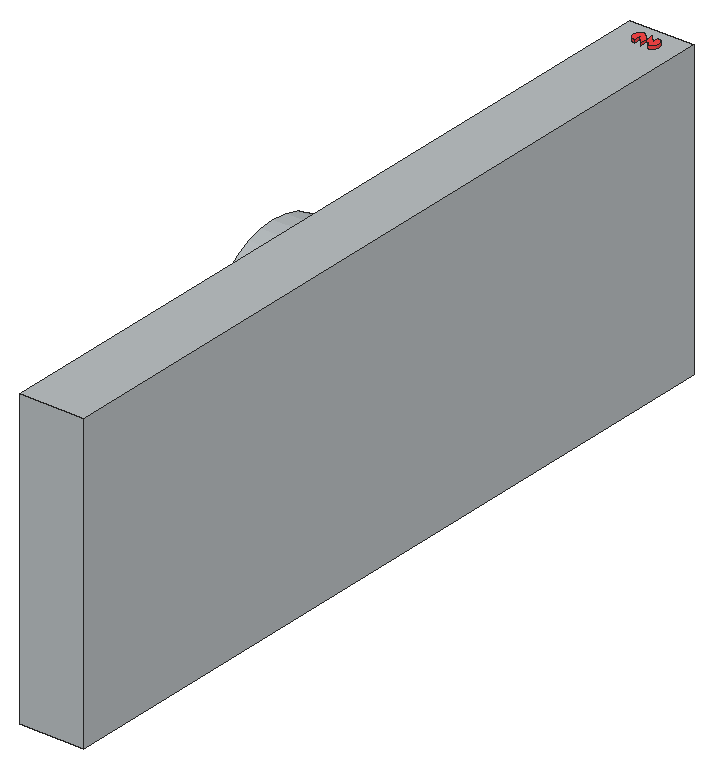
Revit family "NLRS_57_AIR_UN_plenum_linear-ceiling-grill-soooxx-for-srxr_return_LT_sacs", category Air Terminals, Revit 2021
Family settings
  Round Connector Dimension = Use Diameter
  Part Type = Normal
  Work Plane-Based = No
  Always vertical = Yes
  Cut with Voids When Loaded = No
  Shared = No
  Room Calculation Point = Yes
Parameters (values of type "600")
  URL = "https://solid-air.nl/producten/solid-air-plafondroosters-star-stbr/"
  Type Comments = "Standard plenums for Line grill SROR"  # constant formula
  Slots (1-2) [instance] = 1
  SACS_Type_Mark [instance] = ""
  SACS_Show_Symbol [instance] = yes
  SACS_Show_Arrows [instance] = yes
  SACS_Plenum_Offset [instance] = 17.6 mm + 4.5 mm  # 22.1 mm
  SACS_Plenum_L [instance] = NLRS_C_lengte - 12 mm  # 588 mm
  SACS_Plenum_H [instance] = 95 mm + NLRS_M_c01_diameter + 25 mm + 4.5 mm  # 249.5 mm
  SACS_Plenum_B [instance] = if(SACS_Index3 = 2 mm, 63 mm, 48.8 mm) + (SACS_Index1 - 1 mm) * 43.3  # 48.8 mm
  SACS_Option_4 [instance] = if([Slots (1-2)] < 2, "Single slot", "2 slots")  # "Single slot"
  SACS_Option_3_Value [instance] = if(SACS_Index3 = 4 mm, 5, 2)  # 5
  SACS_Option_3 [instance] = if([Brackets (0-1)] > 0, "B = Plenum bracket B", "O = None")  # "O = None"
  SACS_Option_2 [instance] = if([Plenum_Type (1-2)] < 2, "R = Lined", "U = Plain")  # "R = Lined"
  SACS_Option_1 [instance] = "SOOO"  # constant formula
  SACS_Offset1 [instance] = 99.5 mm + (SACS_Diameter / 2) + 4.5 mm  # 165.5 mm
  SACS_Model [instance] = size_lookup(SACS_Data_Hidden, "Model", "NB", NLRS_C_lengte, SACS_Index1, SACS_Index2, SACS_Index3)  # "SOOORO 600-1"
  SACS_Index3 [instance] = if([Brackets (0-1)] < 1, 4, 1) * 1 mm  # 4 mm
  SACS_Index2 [instance] = if([Plenum_Type (1-2)] < 2, 1 mm, 2 mm)  # 1 mm
  SACS_Index1 [instance] = if([Slots (1-2)] < 2, 1 mm, 2 mm)  # 1 mm
  SACS_Dummy = 1  # constant formula
  SACS_Diameter [instance] = NLRS_M_c01_diameter - 2 mm  # 123 mm
  SACS_Data_Hidden = "SOOOxx"  # constant formula
  SACS_Base_Index = 1
  SACS_Article_Code [instance] = size_lookup(SACS_Data_Hidden, "ArticleCode", "NB", NLRS_C_lengte, SACS_Index1, SACS_Index2, SACS_Index3)  # "8101000175"
  SACS_Array_End [instance] = SACS_Array_Base * SACS_Array_Count * 2  # 400 mm
  SACS_Array_Count [instance] = if(NLRS_C_lengte > 1200 mm, 3, 2)  # 2
  SACS_Array_Base [instance] = NLRS_C_lengte / (SACS_Array_Count + 1) / 2  # 100 mm
  SA-Select [instance] = "https://selectietool.solid-air.nl/Dashboard/CPMDashPage/Show/7"
  Plenum_Type (1-2) [instance] = 1
  Plenum_Material = NLRS_57_sendzimir verzinkt_gen_sacs
  NLRS_M_c01_drukverlies_statisch [instance] = 0.0 Pa
  NLRS_M_c01_diameter [instance] = size_lookup(SACS_Data_Hidden, "Diam", 125 mm, NLRS_C_lengte, SACS_Index1, SACS_Index2, SACS_Index3)  # 125 mm
  NLRS_M_c01_debiet [instance] = 0.0 L/s
  NLRS_C_model [instance] = SACS_Model  # "SOOORO 600-1"
  NLRS_C_lengte [instance] = if(SACS_Base_Index = 1, 600 mm, if(SACS_Base_Index = 2, 750 mm, if(SACS_Base_Index = 3, 900 mm, if(SACS_Base_Index = 4, 1200 mm, if(SACS_Base_Index = 5, 1500 mm, 1800 mm)))))  # 600 mm
  NLRS_C_hoogte [instance] = SACS_Plenum_H * SACS_Dummy  # 249.5 mm
  NLRS_C_gtin_code [instance] = size_lookup(SACS_Data_Hidden, "GTIN", "NB", NLRS_C_lengte, SACS_Index1, SACS_Index2, SACS_Index3)  # "NB"
  NLRS_C_description = Description  # "Solid Air plenum for line Diffuser"
  NLRS_C_content_versie = "2.21.01"  # constant formula
  NLRS_C_content_provider = "Solid Air Climate Solutions"  # constant formula
  NLRS_C_content_datum_gewijzigd = "11-03-2024"  # constant formula
  NLRS_C_content_creator = "J.Feeke"  # constant formula
  NLRS_C_breedte [instance] = if([Brackets (0-1)] > 2, 65 mm, 52 mm) + (SACS_Index1 - 1 mm) * 43.3  # 52 mm
  Model = "Standard plenums for SROR"  # constant formula
  Min Flow = 0.0 L/s
  Max Flow = 0.0 L/s
  Manufacturer = "Solid Air Climate Solutions"  # constant formula
  Description = "Solid Air plenum for line Diffuser"  # constant formula
  Default Elevation = 2700 mm
  Brackets (0-1) [instance] = 0
  Assembly Code = "57.00"
Types (7, lengths in mm): name | SACS_Plenum_L | SACS_Plenum_H | SACS_Option_3_Value | SACS_Option_3 | SACS_Offset1 | SACS_Model | SACS_Index3 | SACS_Diameter | SACS_Base_Index | SACS_Article_Code | SACS_Array_End | SACS_Array_Count | SACS_Array_Base | NLRS_M_c01_diameter | NLRS_C_model | NLRS_C_lengte | NLRS_C_hoogte | Brackets (0-1)
  (no name) | 588 | 249.5 | 5 | "O = None" | 165.5 | "SOOORO 600-1" | 4 | 123 | 1 | "8101000175" | 400 | 2 | 100 | 125 | "SOOORO 600-1" | 600 | 249.5 | 0
  600 | 588 | 249.5 | 5 | "O = None" | 165.5 | "SOOORO 600-1" | 4 | 123 | 1 | "8101000175" | 400 | 2 | 100 | 125 | "SOOORO 600-1" | 600 | 249.5 | 0
  750 | 738 | 249.5 | 2 | "B = Plenum bracket B" | 165.5 | "SOOORB 750-1" | 1 | 123 | 2 | "NB" | 500 | 2 | 125 | 125 | "SOOORB 750-1" | 750 | 249.5 | 1
  900 | 888 | 249.5 | 2 | "B = Plenum bracket B" | 165.5 | "SOOORB 900-1" | 1 | 123 | 3 | "8101001965" | 600 | 2 | 150 | 125 | "SOOORB 900-1" | 900 | 249.5 | 1
  1200 | 1188 | 284.5 | 2 | "B = Plenum bracket B" | 183 | "SOOORB 1200-1" | 1 | 158 | 4 | "NB" | 800 | 2 | 200 | 160 | "SOOORB 1200-1" | 1200 | 284.5 | 1
  1500 | 1488 | 284.5 | 2 | "B = Plenum bracket B" | 183 | "SOOORB 1500-1" | 1 | 158 | 5 | "NB" | 1125 | 3 | 187.5 | 160 | "SOOORB 1500-1" | 1500 | 284.5 | 1
  1800 | 1788 | 324.5 | 2 | "B = Plenum bracket B" | 203 | "SOOORB 1800-1" | 1 | 198 | 6 | "NB" | 1350 | 3 | 225 | 200 | "SOOORB 1800-1" | 1800 | 324.5 | 1
Reference planes
  plane 1 "Center (Front/Back)": y = 0
  plane 2: z = 0
  plane 3 "Center (Left/Right)": x = 0
  plane 4: y = 300
  plane 5: y = -300
  plane 6: y = 294
  plane 7: y = -294
  plane 8: x = -24.4
  plane 9: x = 24.4
  plane 10: x = -26
  plane 11: x = 26
  plane 12: x = -76
  plane 13: x = 76
  plane 14: z = 22.1
  plane 15: z = 165.5
  plane 16 "Top": z = 249.5
  plane 17: y = -200
  plane 18: y = 200
Forms (mm)
  Extrusion 1, solid, material "NLRS_57_sendzimir verzinkt_gen_sacs" <- "Plenum_Material", detail levels medium+fine
    sketch origin (0, 0, 0) x (1, 0, 0) y (0, 0, 1)
      loop
        line (-24.4, 249.5) -> (-24.4, 22.1) -> (24.4, 22.1) -> (24.4, 249.5) -> (-24.4, 249.5)
    from -294 to 294
  Extrusion 2, solid, material "NLRS_57_sendzimir verzinkt_gen_sacs" <- "Plenum_Material", detail levels medium+fine
    sketch origin (0, 0, 0) x (0, 1, 0) y (0, 0, 1)
      loop
        circle (0, 165.5) r 61.5
    from -64.4 to -24.4
Lines and regions (mm)
  model lines, visible <- "SACS_Show_Symbol", detail levels coarse
    curve 1: line (-26, 300, 0) -> (26, 300, 0)
    curve 2: line (-26, -300, 0) -> (-26, 300, 0)
    curve 3: line (26, -300, 0) -> (-26, -300, 0)
    curve 4: line (26, 300, 0) -> (26, -300, 0)
    curve 5: line (-26, 300, 0) -> (26, -300, 0)
Dimensions and locks
  equal spacing: plane 5, plane 1 "Center (Front/Back)", plane 4
  "NLRS_C_lengte": plane 5 to plane 4
  equal spacing: plane 6, plane 1 "Center (Front/Back)", plane 7
  "SACS_Plenum_L": plane 6 to plane 7
  equal spacing: plane 10, plane 3 "Center (Left/Right)", plane 11
  "NLRS_C_breedte": plane 10 to plane 11
  "SACS_Plenum_B": plane 8 to plane 9
  equal spacing: plane 8, plane 3 "Center (Left/Right)", plane 9
  locked: plane 12 to plane 10 at 50
  locked: plane 11 to plane 13 at 50
  "SACS_Plenum_Offset": plane 14 to plane 2
  "SACS_Plenum_H": plane 16 "Top" to plane 2
  "SACS_Offset1": plane 15 to plane 2
  locked: Extrusion 2 to plane 8 at 40
  "SACS_Array_Base": plane 5 to plane 17
  "SACS_Array_End": plane 18 to plane 17
  group 1 to group 2 = 0 mm  (x2)
  group 1 to group 2 = 400 mm
  locked: plane 6 to nested 5 at 15
  group 3 to group 4 = 0 mm  (x2)
  group 3 to group 4 = 400 mm
  group 5 to group 6 = 0 mm  (x2)
  group 5 to group 6 = 400 mm
  "SACS_Diameter": diameter of Extrusion 2 sketch curve
  aligned and locked: level to plane 2
  aligned and locked: plane 8 to Extrusion 1 sketch curve
  aligned and locked: Extrusion 1 sketch curve to plane 9
  aligned and locked: plane 14 to Extrusion 1 sketch curve
  aligned and locked: Extrusion 1 sketch curve to plane 16 "Top"
  aligned and locked: plane 6 to Extrusion 1
  aligned and locked: Extrusion 1 to plane 7
  aligned and locked: plane 15 to Extrusion 2 sketch curve
  aligned and locked: plane 1 "Center (Front/Back)" to Extrusion 2 sketch curve
  aligned and locked: plane 8 to Extrusion 2
  aligned and locked: curve 2 to plane 10
  aligned and locked: plane 4 to curve 1
  aligned and locked: curve 3 to plane 5
  aligned and locked: plane 11 to curve 4
  aligned and locked: plane 3 "Center (Left/Right)" to nested 3
  aligned and locked: nested 3 to plane 17
  aligned and locked: nested 4 to plane 18
  aligned and locked: plane 3 "Center (Left/Right)" to nested 5
  aligned and locked: plane 12 to nested 2
  aligned and locked: nested 1 to plane 13
  aligned and locked: nested 1 to plane 17
  aligned and locked: nested 2 to plane 17
  aligned and locked: nested 6 to plane 18
  aligned and locked: plane 12 to nested 6
  aligned and locked: nested 7 to plane 13  (x2)
  aligned and locked: nested 7 to plane 18  (x2)
Nested families
  nested 1: "Arrow" at (251, -200, 0) x (-1, 0, 0) z (0, 0, 1), visible <- "SACS_Show_Arrows", type "Arrow"
  nested 2: "Arrow" at (-251, -200, 0), visible <- "SACS_Show_Arrows", type "Arrow"
  nested 3: "bracket" at (0, -200, -4.5), type "bracket"
    with Type_A no, Bracket 5
  nested 4: "bracket" at (0, 200, -4.5), type "bracket"
    with Type_A no, Bracket 5
  nested 5: "logo_SACS" at (0, 279, 249.5), type "logo_SACS"
    with t 5 mm
  nested 6: "Arrow" at (-251, 200, 0), visible <- "SACS_Show_Arrows", type "Arrow"
  nested 7: "Arrow" at (251, 200, 0) x (-1, 0, 0) z (0, 0, 1), visible <- "SACS_Show_Arrows", type "Arrow"
Connectors
  hvac at (-24.4, 0, 165.5), driven by "NLRS_M_c01_diameter", driven by "NLRS_M_c01_debiet", driven by "NLRS_M_c01_drukverlies_statisch"
    settings: on Extrusion 2, index 1, duct flow 0.0 L/s, flow factor 0, pres drop 0.0 Pa, loss coef 0, conn angle 0.00°, conn width 304.8 mm, conn height 304.8 mm, conn diameter 125 mm, duct sys type 1, conn prof type 0, flow config 1, flow direction 1, loss method 4, conn ref index -1, conn util no, is conn primary yes, conn desc ""
Definition of nested family "logo_SACS"
  Parameters (values of type "logo_SACS")
    t = 2 mm
    Model = "LOD 400"
    Description = "Model type"
    Default Elevation = 1219.2 mm
  Reference planes
    plane 1 "Center (Front/Back)": y = 0
    plane 2: z = 0
    plane 3 "Center (Left/Right)": x = 0
    plane 4: z = 2
    plane 5: x = -4
    plane 6: y = -2
    plane 7: y = 2
    plane 8: x = -2
    plane 9: x = 2
    plane 10: x = 4
  Forms (mm)
    Extrusion 1, solid
      sketch origin (-547.644, -297.937, 0) x (1, 0, 0) y (0, 1, 0)
        loop
          arc (545.644, 299.937) -> (543.644, 297.937) -> (545.644, 295.937) r 2
          line (545.644, 295.937) -> (545.644, 297.937) -> (547.644, 295.937) -> (547.644, 297.937) -> (545.644, 299.937)
      from 0 to 2
    Extrusion 2, solid
      sketch origin (0, 0, 0) x (1, 0, 0) y (0, 1, 0)
        loop
          arc (2, -2) -> (4, 0) -> (2, 2) r 2
          line (2, 2) -> (2, 0) -> (0, 2) -> (0, 0) -> (2, -2)
      from 0 to 2
  Dimensions and locks
    "t": plane 7 to plane 1 "Center (Front/Back)"
    "t": plane 6 to plane 1 "Center (Front/Back)"
    "t": plane 5 to plane 8
    "t": plane 8 to plane 3 "Center (Left/Right)"
    "t": plane 3 "Center (Left/Right)" to plane 9
    "t": plane 9 to plane 10
    aligned and locked: level to plane 2
    aligned and locked: plane 4 to Extrusion 1
  Automatic sketch dimensions
    plane 1 "Center (Front/Back)" to Extrusion 1 sketch curve = 0 mm  (x3)
    Extrusion 1 sketch curve to plane 8 = 0 mm
    Extrusion 1 sketch curve to plane 7 = 0 mm
    Extrusion 1 sketch curve to plane 3 "Center (Left/Right)" = 0 mm
    Extrusion 1 sketch curve to plane 6 = 0 mm
    Extrusion 2 sketch curve to plane 3 "Center (Left/Right)" = 0 mm
    plane 1 "Center (Front/Back)" to Extrusion 2 sketch curve = 0 mm  (x3)
    Extrusion 2 sketch curve to plane 6 = 0 mm
    Extrusion 2 sketch curve to plane 9 = 0 mm
    Extrusion 2 sketch curve to plane 7 = 0 mm
Definition of nested family "Arrow"
  Parameters (values of type "Arrow")
    Offset = 400 mm
    Arrow_Length = 175 mm  # constant formula
  Reference planes
    plane 1 "Center (Front/Back)": y = 0
    plane 2: z = 0
    plane 3 "Center (Left/Right)": x = 0
    plane 4: x = 175
    plane 5: y = 0
    plane 6: x = 175
    plane 7: x = 0
    plane 8: y = 0
  Lines and regions (mm)
    Filled region 1, type "Solid Fill - Black", in view "Ref. Level"
      outline origin (0, 0, 0) x (0, -1, 0) y (1, 0, 0)
        loop
          line (0, 175) -> (-21.131, 129.685) -> (21.131, 129.685) -> (0, 175)
    detail lines, in view "Ref. Level"
      curve 1: line (0, 0, 0) -> (152.343, 0, 0)
  Dimensions and locks
    locked: plane 3 "Center (Left/Right)" to plane 7
    locked: plane 8 to plane 1 "Center (Front/Back)" at 0
    locked: Filled region 1 sketch curve to Filled region 1 sketch curve at 50  (x2)
    "Arrow_Length": plane 3 "Center (Left/Right)" to plane 6
    locked: Filled region 1 sketch curve to curve 1 (angle 25.00°)
    locked: curve 1 to Filled region 1 sketch curve (angle 25.00°)
  Automatic sketch dimensions
    plane 1 "Center (Front/Back)" to Filled region 1 sketch curve = 0 mm
    Filled region 1 sketch curve to plane 4 = 45.315 mm
    plane 1 "Center (Front/Back)" to curve 1 = 0 mm
    curve 1 to plane 3 "Center (Left/Right)" = 0 mm
    curve 1 to plane 4 = 22.657 mm
Definition of nested family "bracket"
  Parameters (values of type "bracket")
    slots = 1
    count = if(slots < 1, 0, (slots - 1)) * Dummy  # 0
    Type_D = Bracket = 4  # no
    Type_CD = or(Type_C, Type_D)  # no
    Type_C = Bracket = 3  # no
    Type_B = Bracket = 2  # no
    Type_A = Bracket = 1  # yes
    Material = none
    Dummy = 1  # constant formula
    Diameter = 125 mm
    Default Elevation = 0 mm
    Ceiling = 5 mm
    Bracket = 1
  Reference planes
    plane 1 "Center (Front/Back)": y = 0
    plane 2: z = 0
    plane 3 "Center (Left/Right)": x = 0
    plane 4: y = 7.5
    plane 5: y = -7.5
  Forms (mm)
    Sweep 1, solid, material <- "Material", visible <- "Type_A", detail levels medium+fine
      path in 3D
        loop
          line (0, 7.5, 32.8) -> (0, -7.5, 32.8)
      profile "Profile_A : Profile_A" origin (0, 0, 32.8) x (0, 0, -1) y (1, 0, 0)
        loop
          line (-17.25, 44.75) -> (-19.25, 44.75) -> (-19.25, 26.85) -> (16.42, 26.85) -> (18.67, 24.6) -> (12.3, 24.6) -> (12.3, 22.6) -> (28.25, 22.6) -> (28.25, 24.6) -> (21.5, 24.6) -> (17.25, 28.85) -> (-17.25, 28.85) -> (-17.25, 44.75)
        loop
          line (-17.25, -44.75) -> (-17.25, -28.85) -> (17.25, -28.85) -> (21.5, -24.6) -> (28.25, -24.6) -> (28.25, -22.6) -> (12.3, -22.6) -> (12.3, -24.6) -> (18.67, -24.6) -> (16.42, -26.85) -> (-19.25, -26.85) -> (-19.25, -44.75) -> (-17.25, -44.75)
    Sweep 2, solid, material <- "Material", visible <- "Type_B", detail levels medium+fine
      path in 3D
        loop
          line (0, 7.5, 32.8) -> (0, -7.5, 32.8)
      profile "Profile_B : Profile_B" origin (0, 0, 32.8) x (0, 0, -1) y (1, 0, 0)
        loop
          line (-216.75, 56.4) -> (-216.75, 24.4) -> (-184.75, 24.4) -> (-184.75, 26.4) -> (-214.75, 26.4) -> (-214.75, 56.4) -> (-216.75, 56.4)
        loop
          line (-216.75, -56.4) -> (-214.75, -56.4) -> (-214.75, -26.4) -> (-184.75, -26.4) -> (-184.75, -24.4) -> (-216.75, -24.4) -> (-216.75, -56.4)
    Sweep 3, solid, material <- "Material", visible <- "Type_CD", detail levels medium+fine
      path in 3D
        loop
          line (0, 7.5, 32.8) -> (0, -7.5, 32.8)
      profile "Profile_CD : Profile_CD" origin (0, 0, 32.8) x (0, 0, -1) y (1, 0, 0)
        loop
          line (-40.7, 25) -> (-40.7, -25) -> (18.3, -30.5) -> (18.3, -28.5) -> (-38.7, -23.55) -> (-38.7, 23.55) -> (18.3, 28.5) -> (18.3, 30.5) -> (-40.7, 25)
        loop
          arc (-25, -8.5) -> (-24.298, -10.428) -> (-22.521, -11.454) r 3
          line (-22.521, -11.454) -> (-2.826, -14.925)
          arc (-2.826, -14.925) -> (-2.234, -15.267) -> (-2, -15.91) r 1
          line (-2, -15.91) -> (-2, -20.5) -> (0, -20.5) -> (0, -15.91)
          arc (0, -15.91) -> (-0.702, -13.982) -> (-2.479, -12.956) r 3
          line (-2.479, -12.956) -> (-22.174, -9.485)
          arc (-22.174, -9.485) -> (-22.766, -9.143) -> (-23, -8.5) r 1
          line (-23, -8.5) -> (-23, 8.5)
          arc (-23, 8.5) -> (-22.766, 9.143) -> (-22.174, 9.485) r 1
          line (-22.174, 9.485) -> (-2.479, 12.956)
          arc (-2.479, 12.956) -> (-0.702, 13.982) -> (0, 15.91) r 3
          line (0, 15.91) -> (0, 20.5) -> (-2, 20.5) -> (-2, 15.91)
          arc (-2, 15.91) -> (-2.234, 15.267) -> (-2.826, 14.925) r 1
          line (-2.826, 14.925) -> (-22.521, 11.454)
          arc (-22.521, 11.454) -> (-24.298, 10.428) -> (-25, 8.5) r 3
          line (-25, 8.5) -> (-25, -8.5)
    Extrusion 4, solid, not visible
      sketch origin (-547.644, -297.937, 0) x (1, 0, 0) y (0, 1, 0)
        loop
          arc (545.644, 299.937) -> (543.644, 297.937) -> (545.644, 295.937) r 2
          line (545.644, 295.937) -> (545.644, 297.937) -> (547.644, 295.937) -> (547.644, 297.937) -> (545.644, 299.937)
      from 0 to 2
    Extrusion 5, solid, not visible
      sketch origin (0, 0, 0) x (1, 0, 0) y (0, 1, 0)
        loop
          arc (2, -2) -> (4, 0) -> (2, 2) r 2
          line (2, 2) -> (2, 0) -> (0, 2) -> (0, 0) -> (2, -2)
      from 0 to 2
  Lines and regions (mm)
    model lines, not visible
      curve 1: line (0, 7.5, 32.8) -> (0, -7.5, 32.8)
    sketch lines
      curve 2: line (0, 7.5, 32.8) -> (0, -7.5, 32.8)
      curve 3: line (0, 7.5, 32.8) -> (0, -7.5, 32.8)
      curve 4: line (0, 7.5, 32.8) -> (0, -7.5, 32.8)
  Dimensions and locks
    equal spacing: plane 5, plane 1 "Center (Front/Back)", plane 4
    locked: plane 4 to plane 5 at 15
    locked: plane 2 to curve 1 at 32.8
    aligned and locked: level to plane 2
    aligned and locked: plane 5 to curve 1
    aligned and locked: plane 4 to curve 1
  Automatic sketch dimensions
    plane 1 "Center (Front/Back)" to Extrusion 4 sketch curve = 0 mm  (x3)
    Extrusion 4 sketch curve to plane 3 "Center (Left/Right)" = 0 mm
    Extrusion 4 sketch curve to plane 3 "Center (Left/Right)" = 2 mm
    Extrusion 4 sketch curve to Extrusion 4 sketch curve = 2 mm  (x2)
    plane 1 "Center (Front/Back)" to Extrusion 5 sketch curve = 0 mm  (x3)
    Extrusion 5 sketch curve to plane 3 "Center (Left/Right)" = 0 mm
    Extrusion 5 sketch curve to Extrusion 5 sketch curve = 2 mm  (x2)
    Extrusion 5 sketch curve to Extrusion 5 sketch curve = 0 mm
